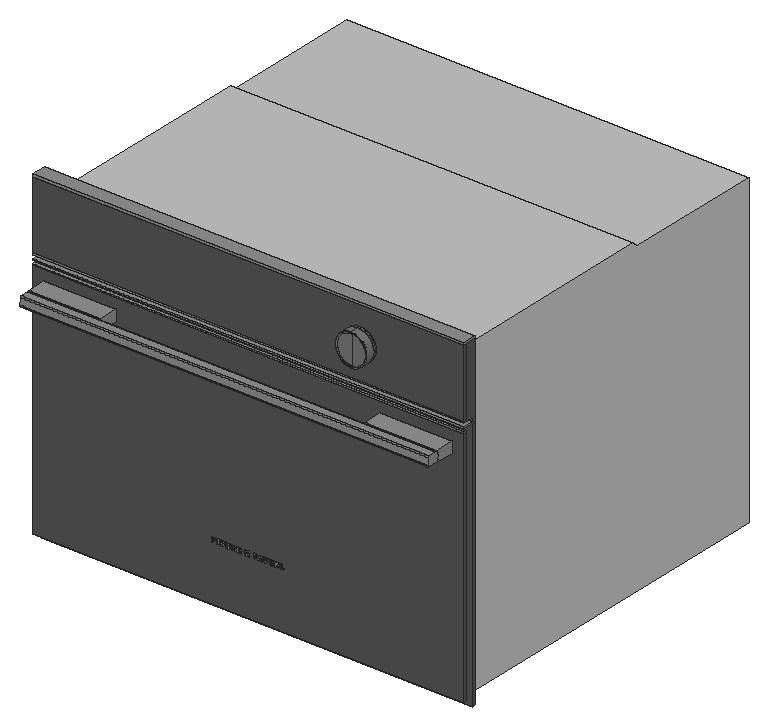
Revit family "FP-Revit19-en-OM60NMTDB1-CombinationSpeedOven-0-90003167A-AU-NZ-CN-IE-UK", category Specialty Equipment, Revit 2019
Family settings
  Round Connector Dimension = Use Diameter
  Part Type = Normal
  OmniClass Number = 23.40.40.14.17.11
  OmniClass Title = Cookers, Ovens, Stoves
  Work Plane-Based = No
  Always vertical = Yes
  Cut with Voids When Loaded = Yes
  Shared = No
  Room Calculation Point = No
Parameters (values of type "OM60NMTDB1")
  Visibility - Clearance Required = yes
  URL = "www.fisherpaykel.com"
  Product - Height = 458 mm  # constant formula
  Product - Width = 596 mm  # constant formula
  Product - Depth (Exc. Handles) = 565 mm  # constant formula
  Opening - Height = 460 mm  # constant formula
  Model = "OM60NMTDB1"
  Material - Trim = Fisher & Paykel - Aluminium, Dark
  Material - Structure = Fisher & Paykel - Black
  Material - Handle = Fisher & Paykel - Aluminium, Dark
  Material - Glass = Fisher & Paykel - Glass, Black
  Material - Dial = Fisher & Paykel - Aluminium, Dark, Matt
  Material - Body = Fisher & Paykel - Grey
  Manufacturer = "Fisher & Paykel Appliances"
  FFL Offset [instance] = 900 mm
  Description = "Combination Microwave Oven, 60cm, 22 Function"
  Connector Description - Electrical = "220-240V , 50Hz , 20A"
  Chassis - Width = 556 mm  # constant formula
  Chassis - Height = 435 mm  # constant formula
  Chassis - Depth = 545 mm  # constant formula
  Cavity - Width = 560 mm  # constant formula
  Cavity - Height = 440 mm  # constant formula
  Cavity - Depth = 550 mm  # constant formula
Reference planes
  plane 1 "Datum": y = 0
  plane 2: z = -2
  plane 3 "Center (Left/Right)": x = 0
  plane 4 "Product - LHS": x = -298
  plane 5 "Product - RHS": x = 298
  plane 6 "Cavity - RHS": x = 280
  plane 7 "FFL Offset": z = 898
  plane 8 "Front Face": y = -20
  plane 9 "Chassis - Height": z = 1333
  plane 10 "Cavity - Height": z = 1338
  plane 11 "Opening - Height": z = 1358
  plane 12 "Chassis - Depth": y = 545
  plane 13 "Cavity - LHS": x = -280
  plane 14 "Cavity - Depth": y = 550
  plane 15 "Product - Height": z = 1356
  plane 16 "Opening - RHS": x = 300
  plane 17 "Opening - LHS": x = -300
  plane 18 "Chassis  - LHS": x = -278
  plane 19 "Chassis - RHS": x = 278
Forms (mm)
  Extrusion 1, solid, material "Fisher & Paykel - Grey" <- "Material - Body"
    sketch origin (0, 0, 0) x (0, 1, 0) y (0, 0, 1)
      loop
        line (0, 1333) -> (0, 898) -> (528.001, 898) -> (528.001, 948) -> (545.001, 968) -> (545.001, 1163) -> (498, 1218) -> (498, 1326) -> (305, 1326) -> (298, 1333) -> (0, 1333)
    from -278 to 278
  Extrusion 2, solid, material "Fisher & Paykel - Black" <- "Material - Structure", detail levels fine
    sketch origin (0, 0, 0) x (0, 1, 0) y (0, 0, 1)
      loop
        line (0, 1352.7) -> (-16, 1352.7) -> (-16, 1256) -> (-4, 1256) -> (-4, 898) -> (0, 898) -> (0, 1352.7)
    from -298 to 298
  Extrusion 3, solid, material "Fisher & Paykel - Glass, Black" <- "Material - Glass", detail levels fine
    sketch origin (0, 0, -3) x (0, 1, 0) y (0, 0, 1)
      loop
        line (-20, 1246.4) -> (-20, 912.8) -> (-16, 912.8) -> (-16, 1246.4) -> (-20, 1246.4)
      loop
        line (-20, 1260.8) -> (-16, 1260.8) -> (-16, 1355.7) -> (-20, 1355.7) -> (-20, 1260.8)
    from -298 to 298
  Extrusion 4, solid, material "Fisher & Paykel - Clearance Required", visible <- "Visibility - Clearance Required", detail levels coarse
    sketch origin (0, 0, -2) x (1, 0, 0) y (0, 1, 0)
      loop
        line (-280, 0) -> (280, 0) -> (280, 550) -> (-280, 550) -> (-280, 0)
    from 900 to 1340
  Extrusion 5, void
    sketch origin (0, 0, 0) x (0, 1, 0) y (0, 0, 1)
      loop
        line (-20, 898) -> (0, 898) -> (0, 1358) -> (-20, 1358) -> (-20, 898)
    from -300 to 300
  Extrusion 6, solid, material "Fisher & Paykel - Grey" <- "Material - Body"
    sketch origin (0, 2, 0) x (0, 1, 0) y (0, 0, 1)
      loop
        line (496, 1293.999) -> (496, 1237) -> (517.999, 1237) -> (517.999, 1293.999) -> (496, 1293.999)
    from 104 to 198
  Extrusion 7, solid, material "Fisher & Paykel - Aluminium, Dark" <- "Material - Trim", detail levels fine
    sketch origin (0, 0, -1.199) x (0, 1, 0) y (0, 0, 1)
      loop
        line (-16, 1257.199) -> (-16, 1258.999) -> (-20, 1258.999) -> (-20, 1257.199) -> (-16, 1257.199)
      loop
        line (-16, 1244.599) -> (-16, 1246.199) -> (-20, 1246.199) -> (-20, 1244.599) -> (-16, 1244.599)
      loop
        line (-4, 1250.799) -> (-4, 1252.399) -> (-20, 1252.399) -> (-20, 1250.799) -> (-4, 1250.799)
      loop
        line (0, 1353.899) -> (0, 1357.199) -> (-20, 1357.199) -> (-20, 1353.899) -> (0, 1353.899)
    from -298 to 298
  Extrusion 8, void
    sketch origin (0, 52, -2) x (1, 0, 0) y (0, 1, 0)
      loop
        line (229, 446) -> (278, 446) -> (278, 492.978) -> (201.878, 492.978) -> (229, 446)
      loop
        line (-229, 446) -> (-201.878, 492.978) -> (-278, 492.978) -> (-278, 446) -> (-229, 446)
    from 900 to 1340
  Extrusion 9, solid, material "Fisher & Paykel - Grey" <- "Material - Body"
    sketch origin (0, 6.626, -14.403) x (0, 1, 0) y (0, 0, 1)
      loop
        circle (501.374, 1279.903) r 5
    from 54 to 104
  Extrusion 10, void
    sketch origin (0, 0, -2) x (1, 0, 0) y (0, 1, 0)
      loop
        line (-280, 0) -> (280, 0) -> (280, 550) -> (-280, 550) -> (-280, 0)
    from 900 to 1340
  Extrusion 11, solid, material "Fisher & Paykel - Glass, Black" <- "Material - Glass", detail levels coarse+medium
    sketch origin (0, 0, 0) x (0, 1, 0) y (0, 0, 1)
      loop
        line (0, 1356) -> (-20, 1356) -> (-20, 1256) -> (-4, 1256) -> (-4, 1251.2) -> (-4, 1242.5) -> (-16, 1242.5) -> (-16, 1245) -> (-20, 1245) -> (-20, 909.8) -> (-4, 909.8) -> (-4, 898) -> (0, 898) -> (0, 1356)
    from -298 to 298
  Extrusion 12, solid, material "Fisher & Paykel - Black", detail levels fine
    sketch origin (0, 0, 0) x (0, 1, 0) y (0, 0, 1)
      loop
        line (-16, 1242.5) -> (-16, 909.8) -> (-4, 909.8) -> (-4, 1242.5) -> (-16, 1242.5)
    from -278 to 278
  Extrusion 13, solid, material "Fisher & Paykel - Clearance Required", visible <- "Visibility - Clearance Required", detail levels coarse
    sketch origin (0, 0, -15) x (0, 1, 0) y (0, 0, 1)
      loop
        line (-20, 927.07) -> (-20, 913) -> (0, 913) -> (0, 1373) -> (-20, 1373) -> (-20, 1260)
        arc (-20, 1260) -> (-242.697, 1184.786) -> (-349.951, 975.626) r 312.455
        line (-349.951, 975.626) -> (-323.58, 971.745) -> (-329.921, 928.657) -> (-313.601, 926.256) -> (-307.26, 969.344) -> (-20, 927.07)
    from -300 to 300
  Extrusion 14, void
    sketch origin (0, 0, 0) x (1, 0, 0) y (0, 0, 1)
      loop
        line (-132, 1285) -> (-140, 1285) -> (-140, 1277) -> (-132, 1277) -> (-132, 1285)
      loop
        line (-141, 1285) -> (-149, 1285) -> (-149, 1277) -> (-141, 1277) -> (-141, 1285)
      loop
        line (-150, 1285) -> (-158, 1285) -> (-158, 1277) -> (-150, 1277) -> (-150, 1285)
      loop
        line (-159, 1285) -> (-167, 1285) -> (-167, 1277) -> (-159, 1277) -> (-159, 1285)
      loop
        line (-168, 1285) -> (-176, 1285) -> (-176, 1277) -> (-168, 1277) -> (-168, 1285)
      loop
        line (-177, 1285) -> (-185, 1285) -> (-185, 1277) -> (-177, 1277) -> (-177, 1285)
      loop
        line (-186, 1285) -> (-194, 1285) -> (-194, 1277) -> (-186, 1277) -> (-186, 1285)
      loop
        line (-195, 1285) -> (-203, 1285) -> (-203, 1277) -> (-195, 1277) -> (-195, 1285)
      loop
        line (-204, 1285) -> (-212, 1285) -> (-212, 1277) -> (-204, 1277) -> (-204, 1285)
      loop
        line (-213, 1285) -> (-221, 1285) -> (-221, 1277) -> (-213, 1277) -> (-213, 1285)
      loop
        line (-222, 1285) -> (-230, 1285) -> (-230, 1277) -> (-222, 1277) -> (-222, 1285)
      loop
        line (-231, 1285) -> (-239, 1285) -> (-239, 1277) -> (-231, 1277) -> (-231, 1285)
      loop
        line (-240, 1285) -> (-248, 1285) -> (-248, 1277) -> (-240, 1277) -> (-240, 1285)
      loop
        line (-249, 1285) -> (-257, 1285) -> (-257, 1277) -> (-249, 1277) -> (-249, 1285)
      loop
        line (-258, 1285) -> (-266, 1285) -> (-266, 1277) -> (-258, 1277) -> (-258, 1285)
      loop
        line (-204, 1311.963) -> (-212, 1311.963) -> (-212, 1303.963) -> (-204, 1303.963) -> (-204, 1311.963)
      loop
        line (-213, 1311.963) -> (-221, 1311.963) -> (-221, 1303.963) -> (-213, 1303.963) -> (-213, 1311.963)
      loop
        line (-222, 1311.963) -> (-230, 1311.963) -> (-230, 1303.963) -> (-222, 1303.963) -> (-222, 1311.963)
      loop
        line (-231, 1311.963) -> (-239, 1311.963) -> (-239, 1303.963) -> (-231, 1303.963) -> (-231, 1311.963)
      loop
        line (-240, 1311.963) -> (-248, 1311.963) -> (-248, 1303.963) -> (-240, 1303.963) -> (-240, 1311.963)
      loop
        line (-249, 1311.963) -> (-257, 1311.963) -> (-257, 1303.963) -> (-249, 1303.963) -> (-249, 1311.963)
      loop
        line (-258, 1311.963) -> (-266, 1311.963) -> (-266, 1303.963) -> (-258, 1303.963) -> (-258, 1311.963)
      loop
        line (-204, 1303) -> (-212, 1303) -> (-212, 1295) -> (-204, 1295) -> (-204, 1303)
      loop
        line (-213, 1303) -> (-221, 1303) -> (-221, 1295) -> (-213, 1295) -> (-213, 1303)
      loop
        line (-222, 1303) -> (-230, 1303) -> (-230, 1295) -> (-222, 1295) -> (-222, 1303)
      loop
        line (-231, 1303) -> (-239, 1303) -> (-239, 1295) -> (-231, 1295) -> (-231, 1303)
      loop
        line (-240, 1303) -> (-248, 1303) -> (-248, 1295) -> (-240, 1295) -> (-240, 1303)
      loop
        line (-249, 1303) -> (-257, 1303) -> (-257, 1295) -> (-249, 1295) -> (-249, 1303)
      loop
        line (-258, 1303) -> (-266, 1303) -> (-266, 1295) -> (-258, 1295) -> (-258, 1303)
      loop
        line (-204, 1294) -> (-212, 1294) -> (-212, 1286) -> (-204, 1286) -> (-204, 1294)
      loop
        line (-213, 1294) -> (-221, 1294) -> (-221, 1286) -> (-213, 1286) -> (-213, 1294)
      loop
        line (-222, 1294) -> (-230, 1294) -> (-230, 1286) -> (-222, 1286) -> (-222, 1294)
      loop
        line (-231, 1294) -> (-239, 1294) -> (-239, 1286) -> (-231, 1286) -> (-231, 1294)
      loop
        line (-240, 1294) -> (-248, 1294) -> (-248, 1286) -> (-240, 1286) -> (-240, 1294)
      loop
        line (-249, 1294) -> (-257, 1294) -> (-257, 1286) -> (-249, 1286) -> (-249, 1294)
      loop
        line (-258, 1294) -> (-266, 1294) -> (-266, 1286) -> (-258, 1286) -> (-258, 1294)
      loop
        line (-132, 1276) -> (-140, 1276) -> (-140, 1268) -> (-132, 1268) -> (-132, 1276)
      loop
        line (-141, 1276) -> (-149, 1276) -> (-149, 1268) -> (-141, 1268) -> (-141, 1276)
      loop
        line (-150, 1276) -> (-158, 1276) -> (-158, 1268) -> (-150, 1268) -> (-150, 1276)
      loop
        line (-159, 1276) -> (-167, 1276) -> (-167, 1268) -> (-159, 1268) -> (-159, 1276)
      loop
        line (-168, 1276) -> (-176, 1276) -> (-176, 1268) -> (-168, 1268) -> (-168, 1276)
      loop
        line (-177, 1276) -> (-185, 1276) -> (-185, 1268) -> (-177, 1268) -> (-177, 1276)
      loop
        line (-186, 1276) -> (-194, 1276) -> (-194, 1268) -> (-186, 1268) -> (-186, 1276)
      loop
        line (-195, 1276) -> (-203, 1276) -> (-203, 1268) -> (-195, 1268) -> (-195, 1276)
      loop
        line (-204, 1276) -> (-212, 1276) -> (-212, 1268) -> (-204, 1268) -> (-204, 1276)
      loop
        line (-213, 1276) -> (-221, 1276) -> (-221, 1268) -> (-213, 1268) -> (-213, 1276)
      loop
        line (-222, 1276) -> (-230, 1276) -> (-230, 1268) -> (-222, 1268) -> (-222, 1276)
      loop
        line (-231, 1276) -> (-239, 1276) -> (-239, 1268) -> (-231, 1268) -> (-231, 1276)
      loop
        line (-240, 1276) -> (-248, 1276) -> (-248, 1268) -> (-240, 1268) -> (-240, 1276)
      loop
        line (-249, 1276) -> (-257, 1276) -> (-257, 1268) -> (-249, 1268) -> (-249, 1276)
      loop
        line (-258, 1276) -> (-266, 1276) -> (-266, 1268) -> (-258, 1268) -> (-258, 1276)
      loop
        line (-132, 1267) -> (-140, 1267) -> (-140, 1259) -> (-132, 1259) -> (-132, 1267)
      loop
        line (-141, 1267) -> (-149, 1267) -> (-149, 1259) -> (-141, 1259) -> (-141, 1267)
      loop
        line (-150, 1267) -> (-158, 1267) -> (-158, 1259) -> (-150, 1259) -> (-150, 1267)
      loop
        line (-159, 1267) -> (-167, 1267) -> (-167, 1259) -> (-159, 1259) -> (-159, 1267)
      loop
        line (-168, 1267) -> (-176, 1267) -> (-176, 1259) -> (-168, 1259) -> (-168, 1267)
      loop
        line (-177, 1267) -> (-185, 1267) -> (-185, 1259) -> (-177, 1259) -> (-177, 1267)
      loop
        line (-186, 1267) -> (-194, 1267) -> (-194, 1259) -> (-186, 1259) -> (-186, 1267)
      loop
        line (-195, 1267) -> (-203, 1267) -> (-203, 1259) -> (-195, 1259) -> (-195, 1267)
      loop
        line (-204, 1267) -> (-212, 1267) -> (-212, 1259) -> (-204, 1259) -> (-204, 1267)
      loop
        line (-213, 1267) -> (-221, 1267) -> (-221, 1259) -> (-213, 1259) -> (-213, 1267)
      loop
        line (-222, 1267) -> (-230, 1267) -> (-230, 1259) -> (-222, 1259) -> (-222, 1267)
      loop
        line (-231, 1267) -> (-239, 1267) -> (-239, 1259) -> (-231, 1259) -> (-231, 1267)
      loop
        line (-240, 1267) -> (-248, 1267) -> (-248, 1259) -> (-240, 1259) -> (-240, 1267)
      loop
        line (-249, 1267) -> (-257, 1267) -> (-257, 1259) -> (-249, 1259) -> (-249, 1267)
      loop
        line (-258, 1267) -> (-266, 1267) -> (-266, 1259) -> (-258, 1259) -> (-258, 1267)
      loop
        line (-132, 1258) -> (-140, 1258) -> (-140, 1250) -> (-132, 1250) -> (-132, 1258)
      loop
        line (-141, 1258) -> (-149, 1258) -> (-149, 1250) -> (-141, 1250) -> (-141, 1258)
      loop
        line (-150, 1258) -> (-158, 1258) -> (-158, 1250) -> (-150, 1250) -> (-150, 1258)
      loop
        line (-159, 1258) -> (-167, 1258) -> (-167, 1250) -> (-159, 1250) -> (-159, 1258)
      loop
        line (-168, 1258) -> (-176, 1258) -> (-176, 1250) -> (-168, 1250) -> (-168, 1258)
      loop
        line (-177, 1258) -> (-185, 1258) -> (-185, 1250) -> (-177, 1250) -> (-177, 1258)
      loop
        line (-186, 1258) -> (-194, 1258) -> (-194, 1250) -> (-186, 1250) -> (-186, 1258)
      loop
        line (-195, 1258) -> (-203, 1258) -> (-203, 1250) -> (-195, 1250) -> (-195, 1258)
      loop
        line (-204, 1258) -> (-212, 1258) -> (-212, 1250) -> (-204, 1250) -> (-204, 1258)
      loop
        line (-213, 1258) -> (-221, 1258) -> (-221, 1250) -> (-213, 1250) -> (-213, 1258)
      loop
        line (-222, 1258) -> (-230, 1258) -> (-230, 1250) -> (-222, 1250) -> (-222, 1258)
      loop
        line (-231, 1258) -> (-239, 1258) -> (-239, 1250) -> (-231, 1250) -> (-231, 1258)
      loop
        line (-240, 1258) -> (-248, 1258) -> (-248, 1250) -> (-240, 1250) -> (-240, 1258)
      loop
        line (-249, 1258) -> (-257, 1258) -> (-257, 1250) -> (-249, 1250) -> (-249, 1258)
      loop
        line (-258, 1258) -> (-266, 1258) -> (-266, 1250) -> (-258, 1250) -> (-258, 1258)
      loop
        line (-132, 1249) -> (-140, 1249) -> (-140, 1241) -> (-132, 1241) -> (-132, 1249)
      loop
        line (-141, 1249) -> (-149, 1249) -> (-149, 1241) -> (-141, 1241) -> (-141, 1249)
      loop
        line (-150, 1249) -> (-158, 1249) -> (-158, 1241) -> (-150, 1241) -> (-150, 1249)
      loop
        line (-159, 1249) -> (-167, 1249) -> (-167, 1241) -> (-159, 1241) -> (-159, 1249)
      loop
        line (-168, 1249) -> (-176, 1249) -> (-176, 1241) -> (-168, 1241) -> (-168, 1249)
      loop
        line (-177, 1249) -> (-185, 1249) -> (-185, 1241) -> (-177, 1241) -> (-177, 1249)
      loop
        line (-186, 1249) -> (-194, 1249) -> (-194, 1241) -> (-186, 1241) -> (-186, 1249)
      loop
        line (-195, 1249) -> (-203, 1249) -> (-203, 1241) -> (-195, 1241) -> (-195, 1249)
      loop
        line (-204, 1249) -> (-212, 1249) -> (-212, 1241) -> (-204, 1241) -> (-204, 1249)
      loop
        line (-213, 1249) -> (-221, 1249) -> (-221, 1241) -> (-213, 1241) -> (-213, 1249)
      loop
        line (-222, 1249) -> (-230, 1249) -> (-230, 1241) -> (-222, 1241) -> (-222, 1249)
      loop
        line (-231, 1249) -> (-239, 1249) -> (-239, 1241) -> (-231, 1241) -> (-231, 1249)
      loop
        line (-240, 1249) -> (-248, 1249) -> (-248, 1241) -> (-240, 1241) -> (-240, 1249)
      loop
        line (-249, 1249) -> (-257, 1249) -> (-257, 1241) -> (-249, 1241) -> (-249, 1249)
      loop
        line (-258, 1249) -> (-266, 1249) -> (-266, 1241) -> (-258, 1241) -> (-258, 1249)
      loop
        line (-132, 1240) -> (-140, 1240) -> (-140, 1232) -> (-132, 1232) -> (-132, 1240)
      loop
        line (-141, 1240) -> (-149, 1240) -> (-149, 1232) -> (-141, 1232) -> (-141, 1240)
      loop
        line (-150, 1240) -> (-158, 1240) -> (-158, 1232) -> (-150, 1232) -> (-150, 1240)
      loop
        line (-159, 1240) -> (-167, 1240) -> (-167, 1232) -> (-159, 1232) -> (-159, 1240)
      loop
        line (-168, 1240) -> (-176, 1240) -> (-176, 1232) -> (-168, 1232) -> (-168, 1240)
      loop
        line (-177, 1240) -> (-185, 1240) -> (-185, 1232) -> (-177, 1232) -> (-177, 1240)
      loop
        line (-186, 1240) -> (-194, 1240) -> (-194, 1232) -> (-186, 1232) -> (-186, 1240)
      loop
        line (-195, 1240) -> (-203, 1240) -> (-203, 1232) -> (-195, 1232) -> (-195, 1240)
      loop
        line (-204, 1240) -> (-212, 1240) -> (-212, 1232) -> (-204, 1232) -> (-204, 1240)
      loop
        line (-213, 1240) -> (-221, 1240) -> (-221, 1232) -> (-213, 1232) -> (-213, 1240)
      loop
        line (-222, 1240) -> (-230, 1240) -> (-230, 1232) -> (-222, 1232) -> (-222, 1240)
      loop
        line (-231, 1240) -> (-239, 1240) -> (-239, 1232) -> (-231, 1232) -> (-231, 1240)
      loop
        line (-240, 1240) -> (-248, 1240) -> (-248, 1232) -> (-240, 1232) -> (-240, 1240)
      loop
        line (-249, 1240) -> (-257, 1240) -> (-257, 1232) -> (-249, 1232) -> (-249, 1240)
      loop
        line (-258, 1240) -> (-266, 1240) -> (-266, 1232) -> (-258, 1232) -> (-258, 1240)
      loop
        line (-213, 1231) -> (-221, 1231) -> (-221, 1223) -> (-213, 1223) -> (-213, 1231)
      loop
        line (-222, 1231) -> (-230, 1231) -> (-230, 1223) -> (-222, 1223) -> (-222, 1231)
      loop
        line (-231, 1231) -> (-239, 1231) -> (-239, 1223) -> (-231, 1223) -> (-231, 1231)
      loop
        line (-240, 1231) -> (-248, 1231) -> (-248, 1223) -> (-240, 1223) -> (-240, 1231)
      loop
        line (-249, 1231) -> (-257, 1231) -> (-257, 1223) -> (-249, 1223) -> (-249, 1231)
      loop
        line (-258, 1231) -> (-266, 1231) -> (-266, 1223) -> (-258, 1223) -> (-258, 1231)
    from -498 to -497
Cuts and joins
  Extrusion 8, Extrusion 14 cuts Extrusion 1
  Extrusion 14 cuts Extrusion 2
  Extrusion 14 cuts Extrusion 3
  Extrusion 14 cuts Extrusion 7
  Extrusion 14 cuts Extrusion 11
  Extrusion 14 cuts Extrusion 12
  Extrusion 14 cuts Extrusion 13
Text (mm)
  text "Due to ongoing product development, product details are subject to change without notice. \nPlease always refer to www.fisherpaykel.com for the most current product information. \n© Fisher & Paykel 2020" at (41.04, -613.295, 0), in view "Ref. Level (Plan)"
Dimensions and locks
  equal spacing: plane 4 "Product - LHS", plane 3 "Center (Left/Right)", plane 5 "Product - RHS"
  "Product - Width": plane 4 "Product - LHS" to plane 5 "Product - RHS"
  "FFL Offset": plane 7 "FFL Offset" to level
  locked: plane 8 "Front Face" to plane 1 "Datum" at 20
  "Cavity - Height": plane 10 "Cavity - Height" to plane 7 "FFL Offset"
  "Chassis - Height": plane 9 "Chassis - Height" to plane 7 "FFL Offset"
  "Cavity - Depth": plane 1 "Datum" to plane 14 "Cavity - Depth"
  "Cavity - Width": plane 13 "Cavity - LHS" to plane 6 "Cavity - RHS"
  Extrusion 5 to Extrusion 3 = 11.8 mm
  equal spacing: plane 13 "Cavity - LHS", plane 3 "Center (Left/Right)", plane 6 "Cavity - RHS", locked at 280 each
  "Opening - Height": plane 7 "FFL Offset" to plane 11 "Opening - Height"
  "Product - Height": plane 7 "FFL Offset" to plane 15 "Product - Height"
  equal spacing: cut or joined group of Extrusion 1, Extrusion 8, Extrusion 14, plane 3 "Center (Left/Right)", cut or joined group of Extrusion 1, Extrusion 8, Extrusion 14
  "Chassis - Width": cut or joined group of Extrusion 1, Extrusion 8, Extrusion 14 to cut or joined group of Extrusion 1, Extrusion 8, Extrusion 14
  locked: nested 2 to plane 15 "Product - Height" at 366.018
  locked: plane 15 "Product - Height" to nested 3 at 135
  "Chassis - Depth": plane 1 "Datum" to plane 12 "Chassis - Depth"
  plane 8 "Front Face" to plane 12 "Chassis - Depth" = 565 mm
  equal spacing: plane 17 "Opening - LHS", plane 3 "Center (Left/Right)", plane 16 "Opening - RHS", locked at 300 each
  locked: nested 1 to plane 15 "Product - Height" at 52
  aligned and locked: level to plane 2
  aligned and locked: plane 4 "Product - LHS" to Extrusion 3
  aligned and locked: Extrusion 3 to plane 5 "Product - RHS"
  aligned and locked: plane 4 "Product - LHS" to Extrusion 2
  aligned and locked: Extrusion 2 to plane 5 "Product - RHS"
  aligned and locked: Extrusion 1 to plane 7 "FFL Offset"
  aligned and locked: Extrusion 7 to plane 5 "Product - RHS"
  aligned and locked: Extrusion 7 to Extrusion 3
  aligned and locked: Extrusion 5 to Extrusion 3
  aligned and locked: Extrusion 3 to Extrusion 7
  aligned and locked: Extrusion 7 to plane 1 "Datum"
  aligned and locked: plane 8 "Front Face" to Extrusion 5
  aligned and locked: Extrusion 4 to plane 6 "Cavity - RHS"
  aligned and locked: Extrusion 9 to Extrusion 6
  aligned and locked: plane 10 "Cavity - Height" to Extrusion 4
  aligned and locked: Extrusion 5 to plane 11 "Opening - Height"
  aligned and locked: Extrusion 5 to Extrusion 2
  aligned and locked: Extrusion 7 to plane 15 "Product - Height"
  aligned and locked: Extrusion 7 to Extrusion 2
  aligned and locked: Extrusion 4 to Extrusion 2
  aligned and locked: Extrusion 4 to Extrusion 8
  aligned and locked: Extrusion 4 to plane 7 "FFL Offset"
  aligned and locked: Extrusion 1 to Extrusion 8
  aligned and locked: Extrusion 11 sketch curve to plane 15 "Product - Height"
  aligned and locked: plane 10 "Cavity - Height" to Extrusion 10
  aligned and locked: Extrusion 2 to Extrusion 10
  aligned and locked: plane 9 "Chassis - Height" to Extrusion 1
  aligned and locked: Extrusion 3 to Extrusion 12
  aligned and locked: Extrusion 2 to Extrusion 3
  aligned and locked: Extrusion 14 to Extrusion 6
  aligned and locked: plane 4 "Product - LHS" to Extrusion 11
  aligned and locked: Extrusion 11 to plane 5 "Product - RHS"
Automatic sketch dimensions
  Extrusion 2 sketch curve to plane 7 "FFL Offset" = 0 mm
  Extrusion 2 sketch curve to plane 1 "Datum" = 0 mm
  plane 1 "Datum" to Extrusion 2 sketch curve = 4 mm
  Extrusion 2 sketch curve to plane 8 "Front Face" = 4 mm
  Extrusion 2 sketch curve to plane 9 "Chassis - Height" = 77 mm
  plane 15 "Product - Height" to Extrusion 2 sketch curve = 3.3 mm
  Extrusion 3 sketch curve to plane 8 "Front Face" = 0 mm  (x2)
  Extrusion 3 sketch curve to Extrusion 3 sketch curve = 4 mm  (x2)
  plane 7 "FFL Offset" to Extrusion 3 sketch curve = 11.8 mm
  Extrusion 3 sketch curve to plane 9 "Chassis - Height" = 89.6 mm
  Extrusion 3 sketch curve to Extrusion 3 sketch curve = 14.4 mm
  plane 15 "Product - Height" to Extrusion 3 sketch curve = 3.3 mm
  Extrusion 4 sketch curve to plane 13 "Cavity - LHS" = 0 mm
  Extrusion 4 sketch curve to plane 6 "Cavity - RHS" = 0 mm
  plane 1 "Datum" to Extrusion 4 sketch curve = 0 mm
  Extrusion 4 sketch curve to plane 14 "Cavity - Depth" = 0 mm
  Extrusion 5 sketch curve to plane 8 "Front Face" = 0 mm
  Extrusion 5 sketch curve to plane 1 "Datum" = 0 mm
  Extrusion 5 sketch curve to plane 7 "FFL Offset" = 0 mm
  plane 11 "Opening - Height" to Extrusion 5 sketch curve = 0 mm
  Extrusion 6 sketch curve to Extrusion 6 sketch curve = 21.999 mm
  Extrusion 6 sketch curve to plane 9 "Chassis - Height" = 96 mm
  Extrusion 6 sketch curve to plane 9 "Chassis - Height" = 39.001 mm
  Extrusion 7 sketch curve to plane 8 "Front Face" = 0 mm  (x4)
  Extrusion 7 sketch curve to plane 1 "Datum" = 0 mm
  plane 15 "Product - Height" to Extrusion 7 sketch curve = 0 mm
  Extrusion 7 sketch curve to Extrusion 7 sketch curve = 4 mm  (x2)
  plane 1 "Datum" to Extrusion 7 sketch curve = 4 mm
  plane 15 "Product - Height" to Extrusion 7 sketch curve = 3.3 mm
  Extrusion 7 sketch curve to plane 9 "Chassis - Height" = 75.2 mm
  Extrusion 7 sketch curve to Extrusion 7 sketch curve = 1.8 mm
  Extrusion 7 sketch curve to Extrusion 7 sketch curve = 4.8 mm
  Extrusion 7 sketch curve to Extrusion 7 sketch curve = 1.6 mm  (x2)
  Extrusion 7 sketch curve to Extrusion 7 sketch curve = 4.6 mm
  Extrusion 8 sketch curve to plane 18 "Chassis  - LHS" = 0 mm
  Extrusion 8 sketch curve to plane 19 "Chassis - RHS" = 0 mm
  Extrusion 8 sketch curve to plane 18 "Chassis  - LHS" = 49 mm
  plane 12 "Chassis - Depth" to Extrusion 8 sketch curve = 0.022 mm  (x2)
  Extrusion 8 sketch curve to Extrusion 8 sketch curve = 27.122 mm
  plane 19 "Chassis - RHS" to Extrusion 8 sketch curve = 76.122 mm
  plane 19 "Chassis - RHS" to Extrusion 8 sketch curve = 49 mm
  Extrusion 9 sketch curve to plane 9 "Chassis - Height" = 67.5 mm
  Extrusion 10 sketch curve to plane 13 "Cavity - LHS" = 0 mm
  Extrusion 10 sketch curve to plane 6 "Cavity - RHS" = 0 mm
  plane 1 "Datum" to Extrusion 10 sketch curve = 0 mm
  Extrusion 10 sketch curve to plane 14 "Cavity - Depth" = 0 mm
  Extrusion 11 sketch curve to plane 8 "Front Face" = 0 mm  (x2)
  Extrusion 11 sketch curve to plane 7 "FFL Offset" = 0 mm
  Extrusion 11 sketch curve to plane 1 "Datum" = 0 mm
  Extrusion 11 sketch curve to Extrusion 11 sketch curve = 4 mm
  plane 1 "Datum" to Extrusion 11 sketch curve = 4 mm  (x2)
  plane 7 "FFL Offset" to Extrusion 11 sketch curve = 11.8 mm
  Extrusion 11 sketch curve to plane 9 "Chassis - Height" = 90.5 mm
  Extrusion 11 sketch curve to Extrusion 11 sketch curve = 2.5 mm
  Extrusion 11 sketch curve to Extrusion 11 sketch curve = 8.7 mm
  Extrusion 11 sketch curve to Extrusion 11 sketch curve = 11 mm
  Extrusion 12 sketch curve to plane 8 "Front Face" = 4 mm
  plane 1 "Datum" to Extrusion 12 sketch curve = 4 mm
  plane 7 "FFL Offset" to Extrusion 12 sketch curve = 11.8 mm
  Extrusion 12 sketch curve to plane 9 "Chassis - Height" = 90.5 mm
  Extrusion 13 sketch curve to plane 8 "Front Face" = 0 mm  (x2)
  Extrusion 13 sketch curve to plane 1 "Datum" = 0 mm
  Extrusion 13 sketch curve to plane 7 "FFL Offset" = 0 mm
  plane 11 "Opening - Height" to Extrusion 13 sketch curve = 0 mm
  plane 8 "Front Face" to Extrusion 13 sketch curve = 18.71 mm
  plane 7 "FFL Offset" to Extrusion 13 sketch curve = 56.344 mm
  Extrusion 13 sketch curve to Extrusion 13 sketch curve = 268.55 mm
  plane 7 "FFL Offset" to Extrusion 13 sketch curve = 13.256 mm
  Extrusion 13 sketch curve to Extrusion 13 sketch curve = 6.341 mm
  plane 7 "FFL Offset" to Extrusion 13 sketch curve = 58.745 mm
  Extrusion 13 sketch curve to Extrusion 13 sketch curve = 16.32 mm
  plane 7 "FFL Offset" to Extrusion 13 sketch curve = 62.626 mm
  Extrusion 13 sketch curve to Extrusion 13 sketch curve = 21.035 mm
  Extrusion 14 sketch curve to plane 18 "Chassis  - LHS" = 12 mm  (x2)
  Extrusion 14 sketch curve to Extrusion 14 sketch curve = 0 mm  (x242)
  Extrusion 14 sketch curve to Extrusion 14 sketch curve = 8 mm  (x74)
  Extrusion 14 sketch curve to Extrusion 14 sketch curve = 1 mm  (x142)
  Extrusion 14 sketch curve to Extrusion 14 sketch curve = 0.963 mm  (x7)
  Extrusion 14 sketch curve to plane 9 "Chassis - Height" = 110 mm
  plane 12 "Chassis - Depth" to Extrusion 6 sketch curve = 47 mm
  plane 12 "Chassis - Depth" to Extrusion 8 sketch curve = 47 mm  (x2)
  plane 12 "Chassis - Depth" to Extrusion 9 sketch curve = 37 mm
  Extrusion 1 sketch curve to plane 1 "Datum" = 0 mm
  Extrusion 1 sketch curve to plane 9 "Chassis - Height" = 0 mm
  Extrusion 1 sketch curve to plane 7 "FFL Offset" = 0 mm
  plane 12 "Chassis - Depth" to Extrusion 1 sketch curve = 247 mm
  Extrusion 1 sketch curve to Extrusion 1 sketch curve = 7 mm
  Extrusion 1 sketch curve to plane 9 "Chassis - Height" = 7 mm
  plane 12 "Chassis - Depth" to Extrusion 1 sketch curve = 47 mm
  plane 12 "Chassis - Depth" to Extrusion 1 sketch curve = 16.999 mm
  Extrusion 1 sketch curve to plane 12 "Chassis - Depth" = 0.001 mm
  plane 7 "FFL Offset" to Extrusion 1 sketch curve = 70 mm
  Extrusion 1 sketch curve to Extrusion 1 sketch curve = 163 mm
  Extrusion 1 sketch curve to Extrusion 1 sketch curve = 55 mm
  Extrusion 1 sketch curve to Extrusion 1 sketch curve = 20 mm
  radius of Extrusion 9 sketch curve = 5 mm
Nested families
  nested 1: "F&P Dial Minimal Oven" at (155.3, -20, 1304), type "F&P Dial Minimal Oven"
  nested 2: "F&P Logo 100mm" at (0.044, -20, 987.177), type "Grey"
  nested 3: "F&P Handle Contemporary Square Fine OB60-24" at (0, -20, 1221.022), type "Aluminium Black"
Connectors
  electrical at (54, 508, 1265.5), driven by "Connector Description - Electrical"
    settings: on Extrusion 9, index 1, voltage 230 V, apparent load 0 VA, apparent load phase1 0 VA, apparent load phase2 0 VA, apparent load phase3 0 VA, power factor 1, load classification "Other", number of poles 1, system type 30, power factor state 1, is connector primary yes, connector utility no, sub classification motor no, connector description "220-240V , 50Hz , 20A"
Definition of nested family "F&P Dial Minimal Oven"
  Parameters (values of type "F&P Dial Minimal Oven")
    URL = "www.fisherpaykel.com"
    Material - Buttons and Dials = none
    Manufacturer = "Fisher & Paykel Appliances"
  Reference planes
    plane 1 "Center (Front/Back)": y = 0
    plane 2: z = 0
    plane 3 "Center (Left/Right)": x = 0
    plane 4: x = 0
    plane 5 "Dial": z = 0
  Forms (mm)
    Revolve 1, solid, material <- "Material - Buttons and Dials", detail levels fine
      sketch origin (0, 0, 0) x (0, 1, 0) y (0, 0, 1)
        loop
          line (-15.2, 0) -> (0, 0) -> (0, 22) -> (-0.8, 22) -> (-0.8, 18.5) -> (-4.2, 18.5) -> (-4.2, 20.136) -> (-4.7, 22) -> (-15.8, 22) -> (-15.8, 21.2) -> (-15.301, 20) -> (-15.301, 0)
        axis (-15.8, 0) -> (0, 0)
      angle from 0 to 360
    Revolve 2, solid, material <- "Material - Buttons and Dials", detail levels coarse+medium
      sketch origin (0, 0, 0) x (0, 1, 0) y (0, 0, 1)
        loop
          line (0, 18.5) -> (-4.2, 18.5) -> (-4.2, 22) -> (-15.8, 22) -> (-15.8, 0) -> (0, 0) -> (0, 18.5)
        axis (-15.8, 0) -> (0, 0)
      angle from 0 to 360
  Dimensions and locks
    aligned and locked: level to plane 2
Definition of nested family "F&P Logo 100mm"
  Parameters (values of type "Grey")
    URL = "www.fisherpaykel.com"
    Material - Logo = none
    Manufacturer = "Fisher & Paykel Appliances"
  Reference planes
    plane 1 "Center (Front/Back)": y = 0
    plane 2: z = 0
    plane 3 "Center (Left/Right)": x = 0
    plane 4 "Logo": z = 2.805
  Forms (mm)
    Extrusion 1, solid, material <- "Material - Logo", detail levels fine
      sketch origin (0, 0, 0) x (1, 0, 0) y (0, 0, 1)
        loop
          line (-50.044, 0) -> (-48.47, 0) -> (-48.47, 2.138) -> (-46.011, 2.138) -> (-46.011, 3.472) -> (-48.47, 3.472) -> (-48.47, 4.712) -> (-45.795, 4.712) -> (-45.795, 6.04) -> (-50.044, 6.04) -> (-50.044, 0)
        loop
          line (-42.804, 6.04) -> (-42.804, 0) -> (-41.23, 0) -> (-41.23, 6.04) -> (-42.804, 6.04)
        loop
          line (-30.724, 6.04) -> (-30.724, 0) -> (-29.151, 0) -> (-29.151, 2.42) -> (-26.839, 2.42) -> (-26.839, 0) -> (-25.265, 0) -> (-25.265, 6.04) -> (-26.839, 6.04) -> (-26.839, 3.748) -> (-29.151, 3.748) -> (-29.151, 6.04) -> (-30.724, 6.04)
        loop
          line (-21.906, 6.04) -> (-21.906, 0) -> (-17.602, 0) -> (-17.602, 1.328) -> (-20.347, 1.328) -> (-20.347, 2.42) -> (-17.838, 2.42) -> (-17.838, 3.748) -> (-20.347, 3.748) -> (-20.347, 4.712) -> (-17.602, 4.712) -> (-17.602, 6.04) -> (-21.906, 6.04)
        loop
          line (45.667, 6.04) -> (45.667, 0) -> (49.956, 0) -> (49.956, 1.328) -> (47.241, 1.328) -> (47.241, 6.04) -> (45.667, 6.04)
        loop
          line (42.431, 6.04) -> (38.112, 6.04) -> (38.112, 0) -> (42.431, 0) -> (42.431, 1.328) -> (39.687, 1.328) -> (39.687, 2.42) -> (42.195, 2.42) -> (42.195, 3.748) -> (39.687, 3.748) -> (39.687, 4.712) -> (42.431, 4.712) -> (42.431, 6.04)
        loop
          line (33.443, 3.137) -> (35.683, 6.04) -> (33.844, 6.04) -> (31.915, 3.542) -> (31.915, 6.04) -> (30.342, 6.04) -> (30.342, 0) -> (31.915, 0) -> (31.915, 2.705) -> (33.903, 0) -> (35.747, 0) -> (33.443, 3.137)
        loop
          line (21.98, 6.04) -> (24.262, 2.42) -> (24.262, 0) -> (25.837, 0) -> (25.837, 2.341) -> (28.119, 6.04) -> (26.446, 6.04) -> (25.099, 3.707) -> (23.753, 6.04) -> (21.98, 6.04)
        loop
          line (18.479, 6.04) -> (16.983, 6.04) -> (14.524, 0) -> (16.069, 0) -> (16.501, 1.112) -> (18.786, 1.112) -> (19.219, 0) -> (20.938, 0) -> (18.479, 6.04)
        loop
          line (18.4, 2.439) -> (17.693, 4.174) -> (17.018, 2.439) -> (18.4, 2.439)
        loop
          line (8.031, 6.04) -> (8.031, 0) -> (9.605, 0) -> (9.605, 1.938) -> (10.599, 1.938)
          arc (10.599, 1.938) -> (12.65, 3.989) -> (10.599, 6.04) r 2.051
          line (10.599, 6.04) -> (8.031, 6.04)
        loop
          line (9.605, 4.712) -> (9.605, 3.197) -> (10.501, 3.197)
          arc (10.501, 3.197) -> (11.259, 3.954) -> (10.501, 4.712) r 0.757
          line (10.501, 4.712) -> (9.605, 4.712)
        loop
          line (-11.783, 6.04) -> (-14.366, 6.04) -> (-14.366, 0) -> (-12.792, 0) -> (-12.792, 1.336) -> (-11.992, 1.336) -> (-10.972, 0) -> (-9.153, 0) -> (-10.694, 1.973)
          arc (-10.694, 1.973) -> (-9.678, 4.424) -> (-11.783, 6.04) r 2.179
        loop
          line (-11.897, 4.712) -> (-12.792, 4.712) -> (-12.792, 3.053) -> (-11.897, 3.053)
          arc (-11.897, 3.053) -> (-11.068, 3.882) -> (-11.897, 4.712) r 0.83
        loop
          line (0.477, 4.712) -> (0.477, 6.153) -> (-3.575, 6.153) -> (-3.575, 4.851) -> (-2.974, 4.112)
          arc (-2.974, 4.112) -> (-3.51, 0.684) -> (-0.045, 0.512) r 2.334
          line (-0.045, 0.512) -> (0.46, -0.109) -> (2.246, -0.109) -> (0.86, 1.594) -> (2.061, 3.324) -> (0.443, 3.324) -> (-0.013, 2.667) -> (-1.677, 4.712) -> (0.477, 4.712)
        loop
          arc (-2.125, 3.068) -> (-2.269, 1.668) -> (-0.868, 1.524) r 0.996
          line (-0.868, 1.524) -> (-2.125, 3.068)
        loop
          line (-35.18, 3.634) -> (-36.516, 3.91)
          arc (-36.516, 3.91) -> (-37.049, 4.443) -> (-36.516, 4.976) r 0.533
          arc (-36.516, 4.976) -> (-35.235, 4.79) -> (-34.059, 4.248) r 4.505
          line (-34.059, 4.248) -> (-34.059, 5.743)
          arc (-34.059, 5.743) -> (-35.549, 6.179) -> (-37.1, 6.109) r 4.726
          arc (-37.1, 6.109) -> (-38.536, 4.335) -> (-37.1, 2.561) r 1.814
          line (-37.1, 2.561) -> (-35.754, 2.282)
          arc (-35.754, 2.282) -> (-35.221, 1.749) -> (-35.754, 1.216) r 0.533
          arc (-35.754, 1.216) -> (-37.035, 1.402) -> (-38.211, 1.945) r 4.505
          line (-38.211, 1.945) -> (-38.211, 0.449)
          arc (-38.211, 0.449) -> (-36.72, 0.013) -> (-35.169, 0.083) r 4.726
          arc (-35.169, 0.083) -> (-33.734, 1.863) -> (-35.18, 3.634) r 1.814
      from 0 to 0.8
  Dimensions and locks
    aligned and locked: level to plane 2
Definition of nested family "F&P Handle Contemporary Square Fine OB60-24"
  Parameters (values of type "Aluminium Black")
    URL = "www.fisherpaykel.com"
    Material - Handle = none
    Manufacturer = "Fisher & Paykel Appliances"
    Handle - Length = 565 mm
  Reference planes
    plane 1 "Center (Front/Back)": y = 0
    plane 2: z = 0
    plane 3 "Center (Left/Right)": x = 0
    plane 4 "Product LHS": x = -282.5
    plane 5 "Product RHS": x = 282.5
    plane 6 "LHS Standoff": x = -182.495
    plane 7 "RHS Standoff": x = 182.505
    plane 8 "Handle centre": z = -0.022
    plane 9: z = -0.022
  Forms (mm)
    Extrusion 1, solid, material <- "Material - Handle", detail levels fine
      sketch origin (0, 0, 0) x (0, 1, 0) y (0, 0, 1)
        loop
          arc (-26.813, 6.16) -> (-27.196, 6.554) -> (-27.728, 6.686) r 1
          line (-27.728, 6.686) -> (-40.035, 6.256)
          arc (-40.035, 6.256) -> (-40.719, 5.951) -> (-41, 5.257) r 1
          line (-41, 5.257) -> (-41, -5.257)
          arc (-41, -5.257) -> (-40.719, -5.951) -> (-40.035, -6.256) r 1
          line (-40.035, -6.256) -> (-27.709, -6.686)
          arc (-27.709, -6.686) -> (-27.175, -6.554) -> (-26.792, -6.158) r 1
          arc (-26.792, -6.158) -> (-25.256, 0.004) -> (-26.813, 6.16) r 13.038
      from -282.5 to 282.5
    Extrusion 2, solid, material <- "Material - Handle", detail levels fine
      sketch origin (0, 0, 0) x (0, 1, 0) y (0, 0, 1)
        loop
          arc (-26.626, -6.008) -> (-26.614, -6.49) -> (-26.2, -6.737) r 0.5
          line (-26.2, -6.737) -> (0, -7.696) -> (0, 7.704) -> (-26.174, 6.747)
          arc (-26.174, 6.747) -> (-26.587, 6.5) -> (-26.6, 6.019) r 0.5
          arc (-26.6, 6.019) -> (-25.156, 0.002) -> (-26.626, -6.008) r 13.136
      from 182.505 to 282.5
    Extrusion 3, solid, material <- "Material - Handle", detail levels coarse+medium
      sketch origin (0, 0, 0) x (1, 0, 0) y (0, 1, 0)
        loop
          line (-282.5, -42) -> (282.5, -42) -> (282.5, 0) -> (182.505, 0) -> (182.505, -26.156) -> (-182.495, -26.156) -> (-182.495, 0) -> (-282.5, 0) -> (-282.5, -42)
      from -8.022 to 7.978
    Extrusion 4, solid, material <- "Material - Handle", detail levels fine
      sketch origin (0, 0, 0) x (0, 1, 0) y (0, 0, 1)
        loop
          arc (-26.626, -6.008) -> (-26.614, -6.49) -> (-26.2, -6.737) r 0.5
          line (-26.2, -6.737) -> (0, -7.696) -> (0, 7.704) -> (-26.174, 6.747)
          arc (-26.174, 6.747) -> (-26.587, 6.5) -> (-26.6, 6.019) r 0.5
          arc (-26.6, 6.019) -> (-25.156, 0.002) -> (-26.626, -6.008) r 13.136
      from -282.5 to -182.495
  Dimensions and locks
    equal spacing: plane 4 "Product LHS", plane 3 "Center (Left/Right)", plane 5 "Product RHS"
    "Handle - Length": plane 4 "Product LHS" to plane 5 "Product RHS"
    locked: plane 4 "Product LHS" to plane 6 "LHS Standoff" at 100.005
    locked: plane 7 "RHS Standoff" to plane 5 "Product RHS" at 99.995
    aligned and locked: level to plane 2
    aligned and locked: Extrusion 1 to plane 5 "Product RHS"
    aligned and locked: plane 4 "Product LHS" to Extrusion 1
    aligned and locked: Extrusion 2 to plane 5 "Product RHS"
    aligned and locked: plane 4 "Product LHS" to Extrusion 3 sketch curve
    aligned and locked: Extrusion 3 sketch curve to plane 5 "Product RHS"
    aligned and locked: Extrusion 3 sketch curve to plane 7 "RHS Standoff"
    aligned and locked: plane 6 "LHS Standoff" to Extrusion 3 sketch curve
    aligned and locked: plane 4 "Product LHS" to Extrusion 4
    aligned and locked: plane 6 "LHS Standoff" to Extrusion 4
    aligned and locked: Extrusion 2 to plane 7 "RHS Standoff"
  Automatic sketch dimensions
    Extrusion 1 sketch curve to level = 5.257 mm
    plane 1 "Center (Front/Back)" to Extrusion 1 sketch curve = 41 mm
    level to Extrusion 1 sketch curve = 6.256 mm
    Extrusion 1 sketch curve to Extrusion 1 sketch curve = 0.965 mm  (x2)
    Extrusion 1 sketch curve to level = 6.256 mm
    Extrusion 1 sketch curve to Extrusion 1 sketch curve = 0.035 mm  (x3)
    Extrusion 1 sketch curve to level = 0.018 mm
    Extrusion 1 sketch curve to Extrusion 1 sketch curve = 1.706 mm
    level to Extrusion 1 sketch curve = 6.686 mm
    Extrusion 1 sketch curve to Extrusion 1 sketch curve = 12.307 mm
    Extrusion 1 sketch curve to level = 6.686 mm
    Extrusion 1 sketch curve to Extrusion 1 sketch curve = 12.326 mm
    Extrusion 1 sketch curve to Extrusion 1 sketch curve = 0.999 mm  (x2)
    Extrusion 1 sketch curve to Extrusion 1 sketch curve = 0 mm
    Extrusion 2 sketch curve to plane 1 "Center (Front/Back)" = 0 mm
    level to Extrusion 2 sketch curve = 6.247 mm
    plane 1 "Center (Front/Back)" to Extrusion 2 sketch curve = 26.155 mm
    level to Extrusion 2 sketch curve = 6.747 mm
    Extrusion 2 sketch curve to Extrusion 2 sketch curve = 0.018 mm  (x2)
    Extrusion 2 sketch curve to level = 6.238 mm
    Extrusion 2 sketch curve to Extrusion 2 sketch curve = 0.026 mm
    Extrusion 2 sketch curve to level = 6.737 mm
    level to Extrusion 2 sketch curve = 0.03 mm
    Extrusion 2 sketch curve to Extrusion 2 sketch curve = 12.11 mm
    Extrusion 2 sketch curve to level = 7.696 mm
    level to Extrusion 2 sketch curve = 7.704 mm
    Extrusion 2 sketch curve to Extrusion 2 sketch curve = 0 mm
    plane 1 "Center (Front/Back)" to Extrusion 3 sketch curve = 42 mm
    Extrusion 3 sketch curve to Extrusion 3 sketch curve = 15.844 mm
    Extrusion 3 sketch curve to Extrusion 3 sketch curve = 26.156 mm  (x2)
    level to Extrusion 4 sketch curve = 0.03 mm
    plane 1 "Center (Front/Back)" to Extrusion 4 sketch curve = 38.291 mm
    Extrusion 4 sketch curve to level = 6.737 mm
    Extrusion 4 sketch curve to Extrusion 4 sketch curve = 12.091 mm
    Extrusion 4 sketch curve to Extrusion 4 sketch curve = 0.018 mm  (x2)
    level to Extrusion 4 sketch curve = 6.747 mm
    Extrusion 4 sketch curve to Extrusion 4 sketch curve = 0.008 mm
    level to Extrusion 4 sketch curve = 7.704 mm
    Extrusion 4 sketch curve to Extrusion 4 sketch curve = 26.174 mm
    Extrusion 4 sketch curve to level = 7.696 mm
    Extrusion 4 sketch curve to Extrusion 4 sketch curve = 0.5 mm  (x2)
    Extrusion 4 sketch curve to Extrusion 4 sketch curve = 0 mm
